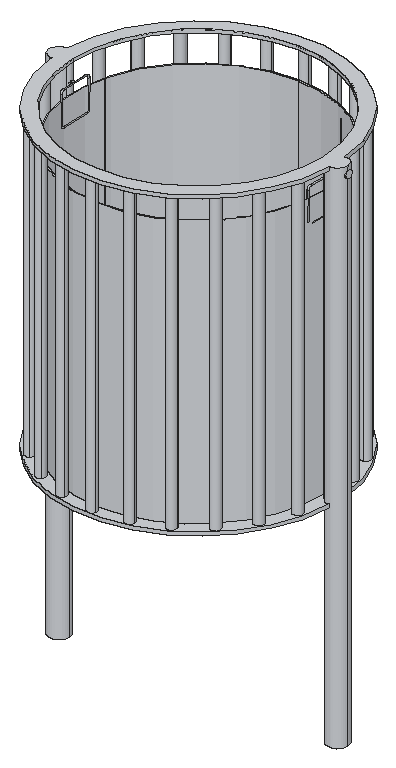
Revit family "Урна уличная круглая «Палермо»", category Антураж, Revit 2017
Family settings
  На основе рабочей плоскости = Нет
  Всегда вертикально = Да
  При загрузке вырезать с полостями = Нет
  Источник визуального образа = Геометрия семейства
  Общий = Нет
  Точка расчета площади = Нет
Parameters (values of type "Урна уличная круглая «Палермо»")
  Стоимость = 20088
  Изготовитель = "ООО \"Хоббика\""
  Высота = 0 mm
  URL = "https://hobbyka.ru/product/urna_ulichnaya_kruglaya_palermo/"
  ADSK_Размер_Ширина = 440 mm
  ADSK_Размер_Глубина = 400 mm
  ADSK_Размер_Высота = 765 mm
  ADSK_Объем = 40.00 m³
  ADSK_Наименование = "Урна уличная круглая «Палермо»"
  ADSK_Материал урны = none
  ADSK_Материал ламелей = none
  ADSK_Материал ведра = none
  ADSK_Код изделия = "9676"
  ADSK_Вес = 20.00 kg  # constant formula
Types (3, lengths in mm): name | Стоимость | Изготовитель | URL | ADSK_Наименование | ADSK_Код изделия
  (no name) | 20088 | "ООО \"Хоббика\"" | "https://hobbyka.ru/product/urna_ulichnaya_kruglaya_palermo/" | "Урна уличная круглая «Палермо»" | "9676"
  Урна уличная круглая «Палермо натур» | 18360 | "Хоббика" | "https://hobbyka.ru/product/urna_ulichnaya_kruglaya_palermo_natur/" | "" | ""
  Урна уличная круглая «Палермо» | 20088 | "ООО \"Хоббика\"" | "https://hobbyka.ru/product/urna_ulichnaya_kruglaya_palermo/" | "Урна уличная круглая «Палермо»" | "9676"
Reference planes
  plane 1 "По центру (Вперед/Назад)": y = 0
  plane 2: z = 0
  plane 3 "По центру (Влево/Вправо)": x = 0
  plane 4: z = 315
  plane 5: z = 320
  plane 6: z = 760
  plane 7: z = 765
  plane 8 "Слева": x = -219.825
  plane 9 "Справа": x = 219.825
Forms (mm)
  Extrusion 1, solid, material <- "ADSK_Материал урны"
    sketch origin (0, 0, 0) x (1, 0, 0) y (0, 1, 0)
      loop
        circle (0, 0) r 204.991
    from 315 to 320
  Extrusion 2, solid, material <- "ADSK_Материал урны"
    sketch origin (0, 0, 445) x (1, 0, 0) y (0, 1, 0)
      loop
        circle (0, 0) r 204.991
      loop
        circle (0, 0) r 184.991
    from 315 to 320
  Extrusion 3, solid, material <- "ADSK_Материал урны"
    sketch origin (0, 0, 0) x (1, 0, 0) y (0, 1, 0)
      loop
        circle (-204.815, 0) r 15
      loop
        circle (204.991, 0) r 15
    from 0 to 765
  Revolve 4, solid, material <- "ADSK_Материал ведра"
    sketch origin (0, 0, 0) x (0, 1, 0) y (0, 0, 1)
      loop
        line (185, 720) -> (183.63, 720) -> (183.63, 321.648) -> (0, 321.648) -> (0, 320) -> (185, 320) -> (185, 720)
      axis (0, 720) -> (0, 320)
    angle from 0 to 360
  Extrusion 5, solid, material <- "ADSK_Материал ламелей"
    sketch origin (0, 0, 0) x (0.996038, 0.088928, 0) y (-0.088928, 0.996038, 0)
      loop
        circle (33.051, -191.912) r 7
    from 320 to 760
  Sweep 6, solid, material <- "ADSK_Материал урны"
    path origin (181.521, 0, 0) x (0, 1, 0) y (0, 0, -1)
      loop
        line (-20.991, -734.981) -> (21.007, -734.539)
        arc (21.007, -734.539) -> (23.823, -733.338) -> (24.964, -730.497) r 4
        line (24.964, -730.497) -> (24.521, -688.501)
        arc (24.521, -688.501) -> (23.32, -685.685) -> (20.479, -684.543) r 4
        line (20.479, -684.543) -> (-21.518, -684.985)
        arc (-21.518, -684.985) -> (-24.334, -686.186) -> (-25.476, -689.027) r 4
        line (-25.476, -689.027) -> (-25.032, -731.023)
        arc (-25.032, -731.023) -> (-23.831, -733.839) -> (-20.991, -734.981) r 4
    profile origin (181.521, 0.008, 734.76) x (0, -0.010521, -0.999945) y (-1, 0, 0)
      loop
        circle (0, 0) r 0.8
  Sweep 7, solid, material <- "ADSK_Материал урны"
    path origin (-181.521, 0, 0) x (0, 1, 0) y (0, 0, 1)
      loop
        arc (-20.991, 734.981) -> (-23.831, 733.839) -> (-25.032, 731.023) r 4
        line (-25.032, 731.023) -> (-25.476, 689.027)
        arc (-25.476, 689.027) -> (-24.334, 686.186) -> (-21.518, 684.985) r 4
        line (-21.518, 684.985) -> (20.479, 684.543)
        arc (20.479, 684.543) -> (23.32, 685.685) -> (24.521, 688.501) r 4
        line (24.521, 688.501) -> (24.964, 730.497)
        arc (24.964, 730.497) -> (23.823, 733.338) -> (21.007, 734.539) r 4
        line (21.007, 734.539) -> (-20.991, 734.981)
    profile origin (-181.521, 0.008, 734.76) x (0, 0.010521, 0.999945) y (1, 0, 0)
      loop
        circle (0, 0) r 0.8
  Extrusion 8, solid, material <- "ADSK_Материал ламелей"
    sketch origin (0, 0, 0) x (0.985075, -0.172124, 0) y (0.172124, 0.985075, 0)
      loop
        circle (33.051, -191.912) r 7
    from 320 to 760
  Extrusion 9, solid, material <- "ADSK_Материал ламелей"
    sketch origin (0, 0, 0) x (0.906863, -0.421426, 0) y (0.421426, 0.906863, 0)
      loop
        circle (33.051, -191.912) r 7
    from 320 to 760
  Extrusion 10, solid, material <- "ADSK_Материал ламелей"
    sketch origin (0, 0, 0) x (0.76674, -0.641957, 0) y (0.641957, 0.76674, 0)
      loop
        circle (33.051, -191.912) r 7
    from 320 to 760
  Extrusion 11, solid, material <- "ADSK_Материал ламелей"
    sketch origin (0, 0, 0) x (0.574274, -0.818663, 0) y (0.818663, 0.574274, 0)
      loop
        circle (33.051, -191.912) r 7
    from 320 to 760
  Extrusion 12, solid, material <- "ADSK_Материал ламелей"
    sketch origin (0, 0, 0) x (0.342602, -0.93948, 0) y (0.93948, 0.342602, 0)
      loop
        circle (33.051, -191.912) r 7
    from 320 to 760
  Extrusion 13, solid, material <- "ADSK_Материал ламелей"
    sketch origin (0, 0, 0) x (0.087542, -0.996161, 0) y (0.996161, 0.087542, 0)
      loop
        circle (33.051, -191.912) r 7
    from 320 to 760
  Extrusion 14, solid, material <- "ADSK_Материал ламелей"
    sketch origin (0, 0, 0) x (-0.173495, -0.984835, 0) y (0.984835, -0.173495, 0)
      loop
        circle (33.051, -191.912) r 7
    from 320 to 760
  Extrusion 15, solid, material <- "ADSK_Материал ламелей"
    sketch origin (0, 0, 0) x (-0.422687, -0.906276, 0) y (0.906276, -0.422687, 0)
      loop
        circle (33.051, -191.912) r 7
    from 320 to 760
  Extrusion 16, solid, material <- "ADSK_Материал ламелей"
    sketch origin (0, 0, 0) x (-0.643023, -0.765846, 0) y (0.765846, -0.643023, 0)
      loop
        circle (33.051, -191.912) r 7
    from 320 to 760
  Extrusion 17, solid, material <- "ADSK_Материал ламелей"
    sketch origin (0, 0, 0) x (-0.819462, -0.573134, 0) y (0.573134, -0.819462, 0)
      loop
        circle (33.051, -191.912) r 7
    from 320 to 760
  Extrusion 18, solid, material <- "ADSK_Материал ламелей"
    sketch origin (0, 0, 0) x (-0.939956, -0.341295, 0) y (0.341295, -0.939956, 0)
      loop
        circle (33.051, -191.912) r 7
    from 320 to 760
  Extrusion 19, solid, material <- "ADSK_Материал ламелей"
    sketch origin (0, 0, 0) x (-0.996282, -0.086156, 0) y (0.086156, -0.996282, 0)
      loop
        circle (33.051, -191.912) r 7
    from 320 to 760
  Extrusion 20, solid, material <- "ADSK_Материал ламелей"
    sketch origin (0, 0, 0) x (-0.984592, 0.174865, 0) y (-0.174865, -0.984592, 0)
      loop
        circle (33.051, -191.912) r 7
    from 320 to 760
  Extrusion 21, solid, material <- "ADSK_Материал ламелей"
    sketch origin (0, 0, 0) x (-0.905687, 0.423948, 0) y (-0.423948, -0.905687, 0)
      loop
        circle (33.051, -191.912) r 7
    from 320 to 760
  Extrusion 22, solid, material <- "ADSK_Материал ламелей"
    sketch origin (0, 0, 0) x (-0.764951, 0.644088, 0) y (-0.644088, -0.764951, 0)
      loop
        circle (33.051, -191.912) r 7
    from 320 to 760
  Extrusion 23, solid, material <- "ADSK_Материал ламелей"
    sketch origin (0, 0, 0) x (-0.571993, 0.820258, 0) y (-0.820258, -0.571993, 0)
      loop
        circle (33.051, -191.912) r 7
    from 320 to 760
  Extrusion 24, solid, material <- "ADSK_Материал ламелей"
    sketch origin (0, 0, 0) x (-0.339987, 0.94043, 0) y (-0.94043, -0.339987, 0)
      loop
        circle (33.051, -191.912) r 7
    from 320 to 760
  Extrusion 25, solid, material <- "ADSK_Материал ламелей"
    sketch origin (0, 0, 0) x (-0.08477, 0.996401, 0) y (-0.996401, -0.08477, 0)
      loop
        circle (33.051, -191.912) r 7
    from 320 to 760
  Extrusion 26, solid, material <- "ADSK_Материал ламелей"
    sketch origin (0, 0, 0) x (0.176235, 0.984348, 0) y (-0.984348, 0.176235, 0)
      loop
        circle (33.051, -191.912) r 7
    from 320 to 760
  Extrusion 27, solid, material <- "ADSK_Материал ламелей"
    sketch origin (0, 0, 0) x (0.425208, 0.905096, 0) y (-0.905096, 0.425208, 0)
      loop
        circle (33.051, -191.912) r 7
    from 320 to 760
  Extrusion 28, solid, material <- "ADSK_Материал ламелей"
    sketch origin (0, 0, 0) x (0.645152, 0.764054, 0) y (-0.764054, 0.645152, 0)
      loop
        circle (33.051, -191.912) r 7
    from 320 to 760
  Extrusion 29, solid, material <- "ADSK_Материал ламелей"
    sketch origin (0, 0, 0) x (0.821053, 0.570852, 0) y (-0.570852, 0.821053, 0)
      loop
        circle (33.051, -191.912) r 7
    from 320 to 760
  Extrusion 30, solid, material <- "ADSK_Материал ламелей"
    sketch origin (0, 0, 0) x (0.940902, 0.338678, 0) y (-0.338678, 0.940902, 0)
      loop
        circle (33.051, -191.912) r 7
    from 320 to 760
Cuts and joins
  joined: Extrusion 1, Extrusion 2, Extrusion 3
Lines and regions (mm)
  symbolic lines
    curve 1: line (-219.65, 0, 0) -> (219.825, 0, 0)
    curve 2: line (0, 0, 0) -> (-219.65, 0, 0)
    curve 3: line (-219.825, 185, 720) -> (-219.825, 185, 710)
    curve 4: line (-219.825, 185, 710) -> (-219.825, 185, 720)
    curve 5: line (-219.825, 185, 720) -> (-219.825, 212.811, 720)
    curve 6: line (-219.825, 183.63, 720) -> (-219.825, 183.63, 710.945)
Dimensions and locks
  plane 5 to plane 4 to level = 5 mm locked, 315 mm locked
  equal spacing: plane 8 "Слева", plane 3 "По центру (Влево/Вправо)", plane 9 "Справа"
  aligned and locked: level to plane 2
  aligned and locked: plane 5 to Extrusion 1
  aligned and locked: Extrusion 1 to plane 4
  aligned and locked: plane 6 to Extrusion 5
  aligned and locked: Extrusion 5 to plane 5
Automatic sketch dimensions
  plane 1 "По центру (Вперед/Назад)" to curve 2 = 0 mm
  curve 2 to plane 3 "По центру (Влево/Вправо)" = 0 mm
  curve 1 to plane 9 "Справа" = 0 mm
  plane 8 "Слева" to curve 1 = 0.175 mm
  plane 1 "По центру (Вперед/Назад)" to Extrusion 1 sketch curve = 0 mm
  Extrusion 1 sketch curve to plane 3 "По центру (Влево/Вправо)" = 0 mm
  Extrusion 2 sketch curve to Extrusion 2 sketch curve = 0 mm  (x2)
  plane 1 "По центру (Вперед/Назад)" to Extrusion 2 sketch curve = 0 mm
  Extrusion 2 sketch curve to plane 3 "По центру (Влево/Вправо)" = 0 mm
  plane 1 "По центру (Вперед/Назад)" to Extrusion 3 sketch curve = 0 mm  (x2)
  plane 8 "Слева" to Extrusion 3 sketch curve = 15.009 mm
  Extrusion 3 sketch curve to plane 9 "Справа" = 14.834 mm
  curve 4 to plane 6 = 40 mm
  curve 4 to plane 1 "По центру (Вперед/Назад)" = 185 mm
  curve 4 to curve 3 = 10 mm
  curve 6 to curve 3 = 1.37 mm
  curve 3 to curve 5 = 27.811 mm
  curve 3 to curve 6 = 0.945 mm
  curve 6 to curve 3 = 0 mm
  Revolve 4 sketch curve to plane 1 "По центру (Вперед/Назад)" = 0 mm  (x2)
  Revolve 4 sketch curve to plane 5 = 0 mm
  plane 5 to Revolve 4 sketch curve = 1.648 mm
  Revolve 4 sketch curve to Revolve 4 sketch curve = 183.63 mm
  Revolve 4 sketch curve to Revolve 4 sketch curve = 1.37 mm
  Revolve 4 sketch curve to plane 6 = 40 mm
  Revolve 4 sketch curve to level = 520.992 mm
  plane 7 to Revolve 4 sketch curve = 1976.474 mm
  plane 1 "По центру (Вперед/Назад)" to Sweep 6 sketch curve = 25.476 mm
  plane 1 "По центру (Вперед/Назад)" to Sweep 6 sketch curve = 25.032 mm
  Sweep 6 sketch curve to Sweep 6 sketch curve = 3.958 mm  (x2)
  Sweep 6 sketch curve to Sweep 6 sketch curve = 0.042 mm  (x6)
  Sweep 6 sketch curve to Sweep 6 sketch curve = 4 mm  (x4)
  Sweep 6 sketch curve to plane 1 "По центру (Вперед/Назад)" = 20.479 mm
  Sweep 6 sketch curve to plane 1 "По центру (Вперед/Назад)" = 20.965 mm
  Sweep 6 sketch curve to plane 6 = 25.019 mm
  Sweep 6 sketch curve to plane 6 = 25.461 mm
  Sweep 6 sketch curve to Sweep 6 sketch curve = 41.996 mm  (x2)
  profile plane to Sweep 6 sketch curve = 0 mm
  Sweep 6 sketch curve to profile plane = 0 mm
  plane 1 "По центру (Вперед/Назад)" to Sweep 7 sketch curve = 25.476 mm
  plane 1 "По центру (Вперед/Назад)" to Sweep 7 sketch curve = 25.032 mm
  Sweep 7 sketch curve to Sweep 7 sketch curve = 3.958 mm  (x2)
  Sweep 7 sketch curve to Sweep 7 sketch curve = 0.042 mm  (x6)
  Sweep 7 sketch curve to Sweep 7 sketch curve = 4 mm  (x4)
  Sweep 7 sketch curve to plane 1 "По центру (Вперед/Назад)" = 20.479 mm
  Sweep 7 sketch curve to plane 1 "По центру (Вперед/Назад)" = 20.965 mm
  Sweep 7 sketch curve to plane 6 = 75.457 mm
  Sweep 7 sketch curve to Sweep 7 sketch curve = 0.442 mm
  Sweep 7 sketch curve to plane 6 = 29.503 mm
  Sweep 7 sketch curve to plane 6 = 29.019 mm
  Sweep 7 sketch curve to profile plane = 0 mm  (x2)
  plane 3 "По центру (Влево/Вправо)" to Extrusion 5 sketch curve = 49.986 mm
  plane 1 "По центру (Вперед/Назад)" to Extrusion 5 sketch curve = 188.213 mm
  Extrusion 8 sketch curve to plane 3 "По центру (Влево/Вправо)" = 0.475 mm
  plane 1 "По центру (Вперед/Назад)" to Extrusion 8 sketch curve = 194.737 mm
  Extrusion 9 sketch curve to plane 3 "По центру (Влево/Вправо)" = 50.904 mm
  plane 1 "По центру (Вперед/Назад)" to Extrusion 9 sketch curve = 187.967 mm
  Extrusion 10 sketch curve to plane 3 "По центру (Влево/Вправо)" = 97.858 mm
  plane 1 "По центру (Вперед/Назад)" to Extrusion 10 sketch curve = 168.364 mm
  plane 8 "Слева" to Extrusion 11 sketch curve = 81.694 mm
  plane 1 "По центру (Вперед/Назад)" to Extrusion 11 sketch curve = 137.268 mm
  plane 8 "Слева" to Extrusion 12 sketch curve = 50.85 mm
  plane 1 "По центру (Вперед/Назад)" to Extrusion 12 sketch curve = 96.8 mm
  plane 8 "Слева" to Extrusion 13 sketch curve = 31.543 mm
  plane 1 "По центру (Вперед/Назад)" to Extrusion 13 sketch curve = 49.724 mm
  Extrusion 14 sketch curve to plane 1 "По центру (Вперед/Назад)" = 0.746 mm
  plane 8 "Слева" to Extrusion 14 sketch curve = 25.089 mm
  plane 8 "Слева" to Extrusion 15 sketch curve = 31.929 mm
  Extrusion 15 sketch curve to plane 1 "По центру (Вперед/Назад)" = 51.166 mm
  plane 8 "Слева" to Extrusion 16 sketch curve = 51.597 mm
  Extrusion 16 sketch curve to plane 1 "По центру (Вперед/Назад)" = 98.092 mm
  plane 8 "Слева" to Extrusion 17 sketch curve = 82.75 mm
  Extrusion 17 sketch curve to plane 1 "По центру (Вперед/Назад)" = 138.322 mm
  Extrusion 18 sketch curve to plane 3 "По центру (Влево/Вправо)" = 96.565 mm
  Extrusion 18 sketch curve to plane 1 "По центру (Вперед/Назад)" = 169.109 mm
  Extrusion 19 sketch curve to plane 3 "По центру (Влево/Вправо)" = 49.462 mm
  Extrusion 19 sketch curve to plane 1 "По центру (Вперед/Назад)" = 188.351 mm
  plane 3 "По центру (Влево/Вправо)" to Extrusion 20 sketch curve = 1.017 mm
  Extrusion 20 sketch curve to plane 1 "По центру (Вперед/Назад)" = 194.735 mm
  plane 3 "По центру (Влево/Вправо)" to Extrusion 21 sketch curve = 51.427 mm
  Extrusion 21 sketch curve to plane 1 "По центру (Вперед/Назад)" = 187.824 mm
  plane 3 "По центру (Влево/Вправо)" to Extrusion 22 sketch curve = 98.326 mm
  Extrusion 22 sketch curve to plane 1 "По центру (Вперед/Назад)" = 168.091 mm
  Extrusion 23 sketch curve to plane 9 "Справа" = 81.312 mm
  Extrusion 23 sketch curve to plane 1 "По центру (Вперед/Назад)" = 136.883 mm
  Extrusion 24 sketch curve to plane 9 "Справа" = 50.582 mm
  Extrusion 24 sketch curve to plane 1 "По центру (Вперед/Назад)" = 96.33 mm
  Extrusion 25 sketch curve to plane 9 "Справа" = 31.405 mm
  Extrusion 25 sketch curve to plane 1 "По центру (Вперед/Назад)" = 49.2 mm
  plane 1 "По центру (Вперед/Назад)" to Extrusion 26 sketch curve = 1.288 mm
  Extrusion 26 sketch curve to plane 9 "Справа" = 25.092 mm
  Extrusion 27 sketch curve to plane 9 "Справа" = 32.073 mm
  plane 1 "По центру (Вперед/Назад)" to Extrusion 27 sketch curve = 51.688 mm
  Extrusion 28 sketch curve to plane 9 "Справа" = 51.871 mm
  plane 1 "По центру (Вперед/Назад)" to Extrusion 28 sketch curve = 98.56 mm
  Extrusion 29 sketch curve to plane 9 "Справа" = 83.135 mm
  plane 1 "По центру (Вперед/Назад)" to Extrusion 29 sketch curve = 138.703 mm
  plane 3 "По центру (Влево/Вправо)" to Extrusion 30 sketch curve = 96.094 mm
  plane 1 "По центру (Вперед/Назад)" to Extrusion 30 sketch curve = 169.377 mm
  radius of Extrusion 1 sketch curve = 204.991 mm
  radius of Extrusion 2 sketch curve = 204.991 mm
  radius of Extrusion 2 sketch curve = 184.991 mm
  radius of Extrusion 3 sketch curve = 15 mm  (x2)
  radius of Sweep 6 sketch curve = 0.8 mm
  radius of Sweep 7 sketch curve = 0.8 mm
  radius of Extrusion 5 sketch curve = 7 mm
  radius of Extrusion 8 sketch curve = 7 mm
  radius of Extrusion 9 sketch curve = 7 mm
  radius of Extrusion 10 sketch curve = 7 mm
  radius of Extrusion 11 sketch curve = 7 mm
  radius of Extrusion 12 sketch curve = 7 mm
  radius of Extrusion 13 sketch curve = 7 mm
  radius of Extrusion 14 sketch curve = 7 mm
  radius of Extrusion 15 sketch curve = 7 mm
  radius of Extrusion 16 sketch curve = 7 mm
  radius of Extrusion 17 sketch curve = 7 mm
  radius of Extrusion 18 sketch curve = 7 mm
  radius of Extrusion 19 sketch curve = 7 mm
  radius of Extrusion 20 sketch curve = 7 mm
  radius of Extrusion 21 sketch curve = 7 mm
  radius of Extrusion 22 sketch curve = 7 mm
  radius of Extrusion 23 sketch curve = 7 mm
  radius of Extrusion 24 sketch curve = 7 mm
  radius of Extrusion 25 sketch curve = 7 mm
  radius of Extrusion 26 sketch curve = 7 mm
  radius of Extrusion 27 sketch curve = 7 mm
  radius of Extrusion 28 sketch curve = 7 mm
  radius of Extrusion 29 sketch curve = 7 mm
  radius of Extrusion 30 sketch curve = 7 mm
Nested families
  nested 1: "Семейство6" at (-219.815, 0, 733.224) x (-1, 0, 0) z (0, 0, 1), Материал <- "ADSK_Материал урны", type "Семейство6"
    with Материал none
  nested 2: "Семейство6" at (219.815, 0, 755), Материал <- "ADSK_Материал урны", type "Семейство6"
    with Материал none
Definition of nested family "Семейство6"
  Parameters (values of type "Семейство6")
    Материал [instance] = none
  Reference planes
    plane 1 "По центру (Вперед/Назад)": y = 0
    plane 2: z = 0
    plane 3 "По центру (Влево/Вправо)": x = 0
  Forms (mm)
    Extrusion 1, solid, material <- "Материал"
      sketch origin (0, 0, 0) x (0, 0, -1) y (0, 1, 0)
        loop
          circle (0, 0) r 5
      from 0 to 2
    Extrusion 2, solid, material <- "Материал"
      sketch origin (0, 0, 0) x (0, 0, -1) y (0, 1, 0)
        loop
          circle (0, 0) r 2
      from -35 to 0
  Dimensions and locks
    aligned and locked: level to plane 2
